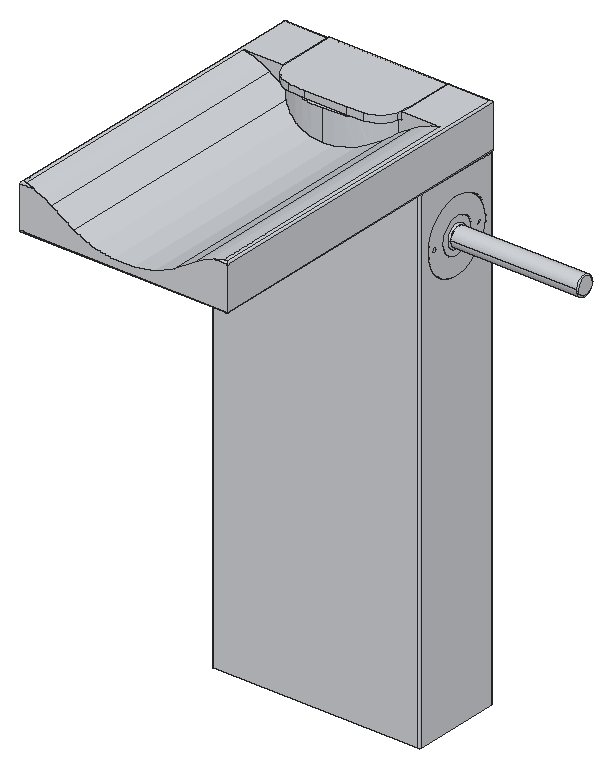
Revit family "Faucet-Lavatory-KOHLER-Beitou-K-99858M_1", category Plumbing Fixtures, host Face, Revit 2017
Family settings
  Host = Face
  Round Connector Dimension = Use Diameter
  Part Type = Normal
  OmniClass Number = 23.31.11.00
  OmniClass Title = Faucets
  Cut with Voids When Loaded = No
  Shared = No
  Room Calculation Point = No
Parameters (values of type "CP-Polished Chrome")
  Width = 4 17/128"  # constant formula
  WaterSense Certified = 1 = 0  # no
  Waste Water Outlet = "Waste Water Outlet"  # constant formula
  Waste Connection = 1 = 0  # no
  Vent Connection = 1 = 0  # no
  URL = "https://la.kohler.com/es?country=MX"
  Type = 1
  Spout Reach = 5 171/256"  # constant formula
  Product Page URL = "https://la.kohler.com/es/product-detail/99858m-4?skuid=K-99858M-4-CP"
  Product Name = "Beitou"  # constant formula
  Product Documentation Link = "http://resources.kohler.com/plumbing/kohlerla/pdf/99858T-4%20BEITOU%20Spec%20Sheet.pdf"
  Pressure = 0.00 psi
  Model = "K-99858M-4-CP"  # constant formula
  Material = "Premium Metal Construction"  # constant formula
  Master Format 2014 Name = "Residential Faucets, Supplies, and Trim"  # constant formula
  Master Format 2014 = "22 41 39"  # constant formula
  Manufacturer Address = "KOHLER Co. 444 Highland Dr. Kohler, WI 53044"  # constant formula
  Manufacturer = "KOHLER Co."  # constant formula
  Length = Spout Reach  # 5 171/256"
  Hot Water Inlet = "Hot Water Inlet"  # constant formula
  Height = 10 191/256"  # constant formula
  Handle Clearance = 2 143/256"  # constant formula
  HW Connection = 1 = 1  # yes
  Flow Rate = 0 GPM
  Finish = Kohler-Metal-CP-Polished_Chrome
  Environmental Product Declaration = ""
  Drain Included = 1 = 1  # yes
  Description = "High mixer tap for washbasin"  # constant formula
  Default Elevation = 36"
  Declare Label = ""
  Date Modified = "05/24/2021"  # constant formula
  Date Created = "05/24/2021"  # constant formula
  Copyright = "Copyright KOHLER Co."  # constant formula
  Contact Us = "https://la.kohler.com/es/contact-us-page"
  Cold Water Inlet = "Cold Water Inlet"  # constant formula
  CW Connection = 1 = 1  # yes
  Assembly Code = "D2010"
  ADA Compliant = 1 = 0  # no
Reference planes (in)
  plane 1 "Center (Front/Back)": y = 0
  plane 2: z = 0
  plane 3 "Center (Left/Right)": x = 0
  plane 4: z = 10.7460937
  plane 5: z = 8.7401575
  plane 6: x = 4.6259843
  plane 7: x = 2.0673905
  plane 8: x = -2.065422
  plane 9: y = -5.6679688
  plane 10: y = -0.9055118
  plane 11: y = 0.9055118
  plane 12: x = 0.6299213
  plane 13: x = -0.6299213
  plane 14: z = 9.8818898
Dimensions and locks (in)
  "Spout Reach": plane 1 "Center (Front/Back)" to plane 9
  "Height": plane 4 to level
  level to plane 14 = 9.88189"
  plane 4 to plane 14 = 0.8642"
  plane 11 to plane 10 = 1.81102"
  "Width": plane 8 to plane 7
  "Handle Clearance": plane 7 to plane 6
  "Length": plane 9 to plane 1 "Center (Front/Back)"
  plane 6 to plane 3 "Center (Left/Right)" = 4.62598"
  plane 5 to level = 8.74016"
  aligned and locked: plane 2 to host face
  aligned and locked: level to host face
  aligned and locked: plane 3 "Center (Left/Right)" to nested 1
  aligned and locked: plane 1 "Center (Front/Back)" to nested 1
Automatic sketch dimensions
  host sketch curve to host sketch curve = 96"  (x2)
Nested families (in)
  nested 1: "K-99858M" at (0, 0, 0), type "K-99858M"
Connectors (in)
  piping at (-0.6299213, 0, 0), diameter 0.5, driven by "Flow Rate", driven by "HW Connection", driven by "Hot Water Inlet"
    settings: on nested 1, index 1, connector inside diameter 24", connector length 0", flow factor 0, pipe flow 0 GPM, pressure drop 0.00 psi, fitting loss kfactor 0, connector angle 0.00°, fixture units 0, engagement length 0", angle of deflection 0.00°, flow configuration 0, flow direction 1, fitting loss method 0, system type 19, joint type 0, gender type 0, connector reference index -1, connector utility 1, adjustable connector no, is connector primary yes, connector description "Hot Water Inlet"
  piping at (0.6299213, 0, 0), diameter 0.5, driven by "Flow Rate", driven by "CW Connection", driven by "Cold Water Inlet"
    settings: on nested 1, index 2, connector inside diameter 24", connector length 0", flow factor 0, pipe flow 0 GPM, pressure drop 0.00 psi, fitting loss kfactor 0, connector angle 0.00°, fixture units 0, engagement length 0", angle of deflection 0.00°, flow configuration 0, flow direction 1, fitting loss method 0, system type 20, joint type 0, gender type 0, connector reference index -1, connector utility 1, adjustable connector no, is connector primary no, connector description "Cold Water Inlet"
Definition of nested family "K-99858M"
  Parameters (values of type "K-99858M")
    Material = none
  Reference planes (in)
    plane 1 "Center (Front/Back)": y = 0
    plane 2: z = 0
    plane 3 "Center (Left/Right)": x = 0
    plane 4: y = 0.9055118
    plane 5: y = -0.9055118
    plane 6: x = -2.0669291
    plane 7: x = 2.0669291
    plane 8: x = 4.6259843
    plane 9: z = 8.7401575
    plane 10: y = -5.6692913
    plane 11: x = -0.503882
    plane 12: x = 0.503882
    plane 13: x = 0.6299213
    plane 14: x = -0.6299213
    plane 15: z = 9.8818898
    plane 16: z = 10.7480315
  Forms (in)
    Sweep 1, solid, material <- "Material", detail levels medium+fine
      path origin (0, 0, 0) x (0, 1, 0) y (0, 0, 1)
        loop
          line (0.9055118, 0) -> (0.9055118, 9.8421792)
      profile origin (0, 0.9055118, 4.9210896) x (0, -1, 0) y (1, 0, 0)
        loop
          arc (0, -2.0275591) -> (0.0115312, -2.0553979) -> (0.0393701, -2.0669291) r 0.0393701
          line (0.0393701, -2.0669291) -> (1.7716535, -2.0669291)
          arc (1.7716535, -2.0669291) -> (1.7994924, -2.0553979) -> (1.8110236, -2.0275591) r 0.0393701
          line (1.8110236, -2.0275591) -> (1.8110236, 2.0275591)
          arc (1.8110236, 2.0275591) -> (1.7994924, 2.0553979) -> (1.7716535, 2.0669291) r 0.0393701
          line (1.7716535, 2.0669291) -> (0.0393701, 2.0669291)
          arc (0.0393701, 2.0669291) -> (0.0115312, 2.0553979) -> (0, 2.0275591) r 0.0393701
          line (0, 2.0275591) -> (0, -2.0275591)
    Sweep 2, solid, material <- "Material", detail levels medium+fine
      path origin (0, 0, 0) x (1, 0, 0) y (0, 1, 0)
        loop
          line (-2.0272385, 0.8659735) -> (-2.0272385, -5.6297874) -> (2.0272385, -5.6297874) -> (2.0272385, 0.8659735) -> (-2.0272385, 0.8659735)
      profile origin (2.0272385, -2.3819069, 0) x (1, 0, 0) y (0, 0, 1)
        loop
          line (-0.0307579, 10.7440945) -> (-0.0307579, 9.8421792) -> (0.0200009, 9.8421792)
          arc (0.0200009, 9.8421792) -> (0.0339236, 9.8479462) -> (0.0396906, 9.861869) r 0.0196898
          line (0.0396906, 9.861869) -> (0.0396906, 10.7047518)
          arc (0.0396906, 10.7047518) -> (0.0281674, 10.7325713) -> (0.0003479, 10.7440945) r 0.0393427
          line (0.0003479, 10.7440945) -> (-0.0307579, 10.7440945)
    Sweep 3, solid, material <- "Material", detail levels medium+fine
      path origin (0, 0, 0) x (0, 1, 0) y (0, 0, 1)
        loop
          circle (0.0006489, 8.740906) r 0.169298
      profile origin (0, 0.0006489, 8.9102041) x (0, 0, -1) y (1, 0, 0)
        loop
          line (0.0324208, 4.6259843) -> (0.0014478, 4.6259843)
          arc (0.0014478, 4.6259843) -> (-0.012907, 4.6200383) -> (-0.0188529, 4.6056835) r 0.0203007
          line (-0.0188529, 4.6056835) -> (-0.0188529, 2.1068724)
          arc (-0.0188529, 2.1068724) -> (-0.030552, 2.0786282) -> (-0.0587961, 2.0669291) r 0.0399432
          line (-0.0587961, 2.0669291) -> (0.0324208, 2.0669291) -> (0.0324208, 4.6259843)
    Extrusion 4, solid, material <- "Material", detail levels medium+fine
      sketch origin (0, 0, 0) x (0, 1, 0) y (0, 0, 1)
        loop
          circle (0.0006489, 8.740906) r 0.1368772
      from 2.0669291 to 4.6259843
    Extrusion 5, solid, material <- "Material", detail levels medium+fine
      sketch origin (-0.0298064, 0, 0) x (1, 0, 0) y (0, 1, 0)
        loop
          line (-1.9964806, 0.8352157) -> (-1.9964806, -5.5990295) -> (2.026287, -5.5990295) -> (2.026287, 0.8352157) -> (-1.9964806, 0.8352157)
      from 9.8421792 to 10.7440945
    Extrusion 6, void, detail levels medium+fine
      sketch origin (0, 0, -0.0522247) x (1, 0, 0) y (0, 0, 1)
        loop
          arc (-1.0037395, 10.3120449) -> (-0.0135896, 10.0485715) -> (0.9765602, 10.3120449) r 1.9922598
          arc (0.9765602, 10.3120449) -> (1.1970344, 10.444138) -> (1.4121499, 10.5847893) r 6.5420486
          arc (1.4121499, 10.5847893) -> (1.8035482, 10.7664441) -> (2.2326175, 10.8121686) r 1.3200005
          line (2.2326175, 10.8121686) -> (2.2326175, 11.0733099) -> (-2.3948685, 11.0733099) -> (-2.3948685, 10.7973172)
          arc (-2.3948685, 10.7973172) -> (-1.8966699, 10.7829033) -> (-1.4393292, 10.5847893) r 1.3200005
          arc (-1.4393292, 10.5847893) -> (-1.2242137, 10.444138) -> (-1.0037395, 10.3120449) r 6.5420486
      from 0.251129 to 6.1770874
    Extrusion 7, solid, material <- "Material", detail levels medium+fine
      sketch origin (0, 0, 0) x (1, 0, 0) y (0, 1, 0)
        loop
          arc (-1.1811024, 0) -> (-1.1803093, -0.0555895) -> (-1.1779309, -0.1111338) r 1.9487547
          arc (-1.1779309, -0.1111338) -> (-1.1678638, -0.2063706) -> (-1.1486662, -0.3001942) r 0.9926676
          arc (-1.1486662, -0.3001942) -> (-1.0019473, -0.5383407) -> (-0.7459164, -0.6509835) r 0.4700974
          arc (-0.7459164, -0.6509835) -> (-0.5834517, -0.6647108) -> (-0.4204724, -0.6692913) r 2.9017388
          line (-0.4204724, -0.6692913) -> (0.4204724, -0.6692913)
          arc (0.4204724, -0.6692913) -> (0.5841058, -0.6646739) -> (0.7472185, -0.6508363) r 2.9017388
          arc (0.7472185, -0.6508363) -> (1.0018802, -0.5388523) -> (1.1481485, -0.3022121) r 0.4685039
          arc (1.1481485, -0.3022121) -> (1.1572068, -0.2639337) -> (1.1647415, -0.2253265) r 0.9926676
          arc (1.1647415, -0.2253265) -> (1.1729905, -0.1684212) -> (1.1779309, -0.1111338) r 0.9926676
          arc (1.1779309, -0.1111338) -> (1.1803093, -0.0555895) -> (1.1811024, 0) r 1.9487547
          line (1.1811024, 0) -> (1.1811024, 0.8816998) -> (-1.1811024, 0.8816998) -> (-1.1811024, 0)
      from 10.6102362 to 10.7440945
    Extrusion 8, void, detail levels medium+fine
      sketch origin (0, 0, 0) x (1, 0, 0) y (0, 1, 0)
        loop
          line (-1.1850394, 0.8816998) -> (-1.1850394, -0.251129) -> (1.1850394, -0.251129) -> (1.1850394, 0.8816998) -> (-1.1850394, 0.8816998)
      from 10.6102362 to 10.9003731
    Extrusion 9, solid, material <- "Material", detail levels medium+fine
      sketch origin (0, 0, 0) x (1, 0, 0) y (0, 1, 0)
        loop
          spline (0, 0.4851303) -> (-0.2904072, 0.4642233) -> (-0.5610236, 0.4029269) -> (-0.7934072, 0.3054185) -> (-0.9717214, 0.1783431) -> (-1.0838144, 0.0303607) -> (-1.1220472, -0.1284441) -> (-1.0838144, -0.2872488) -> (-0.9717214, -0.4352313) -> (-0.7934072, -0.5623067) -> (-0.5610236, -0.6598151) -> (-0.2904072, -0.7211115) -> (0, -0.7420185)
          spline (0, -0.7420185) -> (0.2904072, -0.7211115) -> (0.5610236, -0.6598151) -> (0.7934072, -0.5623067) -> (0.9717214, -0.4352313) -> (1.0838144, -0.2872488) -> (1.1220472, -0.1284441) -> (1.0838144, 0.0303607) -> (0.9717214, 0.1783431) -> (0.7934072, 0.3054185) -> (0.5610236, 0.4029269) -> (0.2904072, 0.4642233) -> (0, 0.4851303)
      from 9.7682632 to 10.6102362
    Extrusion 10, void, detail levels medium+fine
      sketch origin (0, 0, 0) x (0, 1, 0) y (0, 0, 1)
        loop
          circle (-0.0005732, 8.741565) r 0.7199009
        loop
          circle (-0.0005732, 8.741565) r 0.3559253
        loop
          circle (-0.0005732, 8.741565) r 0.7120269
        loop
          circle (-0.0005732, 8.741565) r 0.3480513
      from 2.0576808 to 2.2396435
    Extrusion 11, solid, material <- "Material", detail levels medium+fine
      sketch origin (0, 0, 0) x (1, 0, 0) y (0, 1, 0)
        loop
          circle (-0.503882, 0) r 0.0393701
        loop
          circle (0.503882, 0) r 0.0393701
      from 0 to 0.035998
    Extrusion 12, void
      sketch origin (0, 0, 0) x (0, 1, 0) y (0, 0, 1)
        loop
          circle (-0.557955, 8.7400852) r 0.0398
        loop
          circle (0.557955, 8.7400852) r 0.0398
      from 1.4561957 to 3.2228774
    Extrusion 13, solid, detail levels medium+fine
      sketch origin (0, 0, 0) x (0, 1, 0) y (0, 0, 1)
        loop
          circle (0.557955, 8.7400852) r 0.0398
      from 1.4561957 to 2.0669291
    Extrusion 14, solid, detail levels medium+fine
      sketch origin (0, 0, 0) x (0, -1, 0) y (0, 0, -1)
        loop
          circle (0.557955, -8.7400852) r 0.0398
      from 1.4561957 to 2.0669291
    Extrusion 15, solid, material <- "Material", detail levels medium+fine
      sketch origin (0, 0, 0) x (1, 0, 0) y (0, 1, 0)
        loop
          circle (0.6299213, 0) r 0.1968504
        loop
          circle (-0.6299213, 0) r 0.1968504
      from 0 to 0.2233233
    Extrusion 16, solid, material <- "Material", detail levels coarse
      sketch origin (0, 0, 0) x (1, 0, 0) y (0, 0, 1)
        loop
          line (-2.0669291, 10.7440945) -> (-2.0669291, 9.7598425) -> (2.0669291, 9.7598425) -> (2.0669291, 10.7440945) -> (1.6939929, 10.7440945)
          arc (1.6939929, 10.7440945) -> (-0.0776606, 10.1986876) -> (-1.8493141, 10.7440945) r 3.1501482
          line (-1.8493141, 10.7440945) -> (-2.0669291, 10.7440945)
      from -0.9055118 to 5.669478
    Extrusion 17, solid, material <- "Material", detail levels coarse
      sketch origin (0, 0, 0) x (1, 0, 0) y (0, 0, 1)
        loop
          line (-2.0669291, 10.7440945) -> (-2.0669291, 0) -> (2.0669291, 0) -> (2.0669291, 10.7440945) -> (-2.0669291, 10.7440945)
      from -0.9055118 to 1.3646786
    Revolve 18, solid, material <- "Material", detail levels coarse
      sketch origin (0, 0, 0) x (1, 0, 0) y (0, 0, 1)
        loop
          line (4.6259843, 9.029039) -> (1.7665609, 9.029039) -> (1.7665609, 8.7401575) -> (4.6259843, 8.7401575) -> (4.6259843, 9.029039)
        axis (4.6259843, 8.7401575) -> (1.7665609, 8.7401575)
      angle from 0 to 360
  Cuts and joins
    Extrusion 10, Extrusion 12 cuts Sweep 1
    Extrusion 12 cuts Sweep 3
    Extrusion 12 cuts Extrusion 4
    Extrusion 12 cuts Extrusion 11
    joined: Sweep 1, Sweep 3, Extrusion 4, Extrusion 7, Extrusion 11
    Extrusion 6, Extrusion 8 cuts Sweep 2
    Extrusion 6, Extrusion 8 cuts Extrusion 5
    joined: Sweep 2, Extrusion 5, Extrusion 9
    joined: Extrusion 16, Extrusion 17, Revolve 18
  Lines and regions (in)
    Masking region 1
      outline origin (0, 0, 0) x (1, 0, 0) y (0, 1, 0)
        loop
          arc (2.0287193, -5.6692913) -> (2.0557377, -5.6580999) -> (2.0669291, -5.6310815) r 0.0382098
          line (2.0669291, -5.6310815) -> (2.0669291, -0.2295886)
          arc (2.0669291, -0.2295886) -> (2.0788227, -0.2008749) -> (2.1075365, -0.1889813) r 0.0406073
          line (2.1075365, -0.1889813) -> (4.6049589, -0.1889813)
          arc (4.6049589, -0.1889813) -> (4.6198261, -0.1828231) -> (4.6259843, -0.1679559) r 0.0210254
          line (4.6259843, -0.1679559) -> (4.6259843, 0.1689122)
          arc (4.6259843, 0.1689122) -> (4.6201062, 0.1831032) -> (4.6059152, 0.1889813) r 0.0200691
          line (4.6059152, 0.1889813) -> (2.1080383, 0.1889813)
          arc (2.1080383, 0.1889813) -> (2.0789697, 0.2010219) -> (2.0669291, 0.2300904) r 0.0411092
          line (2.0669291, 0.2300904) -> (2.0669291, 0.8662628)
          arc (2.0669291, 0.8662628) -> (2.0554334, 0.894016) -> (2.0276801, 0.9055118) r 0.039249
          line (2.0276801, 0.9055118) -> (1.2235752, 0.9055118)
          arc (1.2235752, 0.9055118) -> (1.2010195, 0.898221) -> (1.1869987, 0.8791074) r 0.0385358
          arc (1.1869987, 0.8791074) -> (1.1794257, 0.897763) -> (1.1608426, 0.9055118) r 0.0261573
          line (1.1608426, 0.9055118) -> (-1.1608426, 0.9055118)
          arc (-1.1608426, 0.9055118) -> (-1.1794257, 0.897763) -> (-1.1869987, 0.8791074) r 0.0261573
          arc (-1.1869987, 0.8791074) -> (-1.2010195, 0.898221) -> (-1.2235752, 0.9055118) r 0.0385358
          line (-1.2235752, 0.9055118) -> (-2.0283935, 0.9055118)
          arc (-2.0283935, 0.9055118) -> (-2.0556423, 0.894225) -> (-2.0669291, 0.8669762) r 0.0385356
          line (-2.0669291, 0.8669762) -> (-2.0669291, -5.6295987)
          arc (-2.0669291, -5.6295987) -> (-2.0553034, -5.6576656) -> (-2.0272365, -5.6692913) r 0.0396927
          line (-2.0272365, -5.6692913) -> (2.0287193, -5.6692913)
    Masking region 2
      outline origin (0, 0, 0) x (0, 1, 0) y (0, 0, 1)
        loop
          line (0.9055118, 0) -> (0.9055118, 9.8614815)
          arc (0.9055118, 9.8614815) -> (0.8995361, 9.8759083) -> (0.8852902, 9.881884) r 0.0204025
          arc (0.8852902, 9.881884) -> (0.899589, 9.8878068) -> (0.9055118, 9.9021056) r 0.0202216
          line (0.9055118, 9.9021056) -> (0.9055118, 10.7069164)
          arc (0.9055118, 10.7069164) -> (0.8934695, 10.7359892) -> (0.8643967, 10.7480315) r 0.0411151
          line (0.8643967, 10.7480315) -> (-5.6292231, 10.7480315)
          arc (-5.6292231, 10.7480315) -> (-5.6575556, 10.7362958) -> (-5.6692913, 10.7079632) r 0.0400683
          line (-5.6692913, 10.7079632) -> (-5.6692913, 9.902511)
          arc (-5.6692913, 9.902511) -> (-5.6632515, 9.8879296) -> (-5.6486701, 9.8818898) r 0.0206213
          line (-5.6486701, 9.8818898) -> (-0.8858268, 9.8818898)
          arc (-0.8858268, 9.8818898) -> (-0.8997462, 9.8761241) -> (-0.9055118, 9.8622047) r 0.019685
          line (-0.9055118, 9.8622047) -> (-0.9055118, 0) -> (0.9055118, 0)
    Masking region 3
      outline origin (0, 0, 0) x (1, 0, 0) y (0, 0, 1)
        loop
          line (-2.0669291, 10.7097893) -> (-2.0669291, 9.9018946)
          arc (-2.0669291, 9.9018946) -> (-2.0610682, 9.887745) -> (-2.0469185, 9.881884) r 0.0200106
          arc (-2.0469185, 9.881884) -> (-2.0610013, 9.8759562) -> (-2.0669291, 9.8616451) r 0.0202389
          line (-2.0669291, 9.8616451) -> (-2.0669291, 0) -> (2.0669291, 0) -> (2.0669291, 8.5124717)
          arc (2.0669291, 8.5124717) -> (2.0782944, 8.53991) -> (2.1057327, 8.5512753) r 0.0388036
          line (2.1057327, 8.5512753) -> (4.6058685, 8.5512753)
          arc (4.6058685, 8.5512753) -> (4.6200925, 8.5571671) -> (4.6259843, 8.5713911) r 0.0201158
          line (4.6259843, 8.5713911) -> (4.6259843, 8.9083523)
          arc (4.6259843, 8.9083523) -> (4.6199251, 8.9229804) -> (4.6052969, 8.9290396) r 0.0206874
          line (4.6052969, 8.9290396) -> (2.1069697, 8.9290396)
          arc (2.1069697, 8.9290396) -> (2.0786567, 8.9407672) -> (2.0669291, 8.9690802) r 0.0400406
          line (2.0669291, 8.9690802) -> (2.0669291, 9.8616451)
          arc (2.0669291, 9.8616451) -> (2.0610013, 9.8759562) -> (2.0466902, 9.881884) r 0.0202389
          arc (2.0466902, 9.881884) -> (2.0610682, 9.887745) -> (2.0669291, 9.9018946) r 0.0200106
          line (2.0669291, 9.9018946) -> (2.0669291, 10.7086614)
          arc (2.0669291, 10.7086614) -> (2.0553979, 10.7365003) -> (2.0275591, 10.7480315) r 0.0393701
          line (2.0275591, 10.7480315) -> (1.2160697, 10.7480315) -> (1.2160697, 10.6968504) -> (1.1811024, 10.6968504) -> (1.1811024, 10.7480315) -> (-1.1811024, 10.7480315) -> (-1.1811024, 10.6968504) -> (-1.2160697, 10.6968504) -> (-1.2160697, 10.7480315) -> (-2.028687, 10.7480315)
          arc (-2.028687, 10.7480315) -> (-2.0557283, 10.7368306) -> (-2.0669291, 10.7097893) r 0.0382422
    symbolic lines, detail levels medium+fine
      curve 1: line (2.0669291, 0.8662628, 0) -> (1.1848824, 0.8661417, 0)
      curve 2: line (2.0276801, 0.9055118, 0) -> (2.0287193, -5.6692913, 0)
      curve 3: line (-2.0669291, -5.6295987, 0) -> (2.0669291, -5.6310815, 0)
      curve 4: line (-2.0272365, 0.9055118, 0) -> (-2.0272365, -5.6692913, 0)
      curve 5: line (-1.1811024, 0, 0) -> (-1.1811024, 0.8661417, 0)
      curve 6: line (1.1811024, 0, 0) -> (1.1811024, 0.8661417, 0)
      curve 7: line (-1.1848824, 0.8661417, 0) -> (-2.0669201, 0.8661417, 0)
      curve 8: arc (-1.1869987, 0.8791074, 0) -> (-1.1853269, 0.8727248, 0) -> (-1.1848824, 0.8661417, 0) r 0.0350071
      curve 9: line (1.1811024, 0.8661417, 0) -> (-1.1811024, 0.8661417, 0)
      curve 10: arc (1.1869987, 0.8791074, 0) -> (1.1853269, 0.8727248, 0) -> (1.1848824, 0.8661417, 0) r 0.0350071
      curve 11: arc (-1.1811024, 0, 0) -> (-1.1803093, -0.0555895, 0) -> (-1.1779309, -0.1111338, 0) r 1.9487547
      curve 12: arc (-1.1779309, -0.1111338, 0) -> (-1.1678638, -0.2063706, 0) -> (-1.1486662, -0.3001942, 0) r 0.9926676
      curve 13: arc (-1.1486662, -0.3001942, 0) -> (-1.0019473, -0.5383407, 0) -> (-0.7459164, -0.6509835, 0) r 0.4700974
      curve 14: arc (-0.7459164, -0.6509835, 0) -> (-0.5834517, -0.6647108, 0) -> (-0.4204724, -0.6692913, 0) r 2.9017388
      curve 15: line (-0.4204724, -0.6692913, 0) -> (0.4204724, -0.6692913, 0)
      curve 16: arc (0.4204724, -0.6692913, 0) -> (0.5841058, -0.6646739, 0) -> (0.7472185, -0.6508363, 0) r 2.9017388
      curve 17: arc (0.7472185, -0.6508363, 0) -> (1.0018802, -0.5388523, 0) -> (1.1481485, -0.3022121, 0) r 0.4685039
      curve 18: arc (1.1481485, -0.3022121, 0) -> (1.1572068, -0.2639337, 0) -> (1.1647415, -0.2253265, 0) r 0.9926676
      curve 19: arc (1.1647415, -0.2253265, 0) -> (1.1729905, -0.1684212, 0) -> (1.1779309, -0.1111338, 0) r 0.9926676
      curve 20: arc (1.1779309, -0.1111338, 0) -> (1.1803093, -0.0555895, 0) -> (1.1811024, 0, 0) r 1.9487547
      curve 21: arc (-1.1295936, -0.2953224, 0) -> (-0.9890184, -0.5234967, 0) -> (-0.7437087, -0.6314227, 0) r 0.4504123
      curve 22: arc (-1.1582779, -0.1100112, 0) -> (-1.1484104, -0.2033594, 0) -> (-1.1295936, -0.2953224, 0) r 0.9729825
      curve 23: arc (-1.1614173, 0, 0) -> (-1.1606323, -0.055028, 0) -> (-1.1582779, -0.1100112, 0) r 1.9290697
      curve 24: arc (-0.7437087, -0.6314227, 0) -> (-0.5823461, -0.6450568, 0) -> (-0.4204724, -0.6496063, 0) r 2.8820538
      curve 25: line (-0.4204724, -0.6496063, 0) -> (0.4204724, -0.6496063, 0)
      curve 26: arc (0.4204724, -0.6496063, 0) -> (0.5829958, -0.6450202, 0) -> (0.7450019, -0.6312764, 0) r 2.8820538
      curve 27: arc (0.7450019, -0.6312764, 0) -> (0.9889635, -0.5239977, 0) -> (1.1290861, -0.2973004, 0) r 0.4488189
      curve 28: arc (1.1290861, -0.2973004, 0) -> (1.1379648, -0.259781, 0) -> (1.14535, -0.2219394, 0) r 0.9729825
      curve 29: arc (1.1582779, -0.1100112, 0) -> (1.1606323, -0.055028, 0) -> (1.1614173, 0, 0) r 1.9290697
      curve 30: arc (1.14535, -0.2219394, 0) -> (1.1534355, -0.1661626, 0) -> (1.1582779, -0.1100112, 0) r 0.9729825
      curve 31: line (-1.1614173, 0, 0) -> (-1.1614173, 0.8661417, 0)
      curve 32: line (1.1614173, 0, 0) -> (1.1614173, 0.8661417, 0)
      curve 33: arc (-0.4789141, -0.6687028, 0) -> (0, -0.7289998, 0) -> (0.4789141, -0.6687028, 0) r 1.9320565
      curve 34: line (2.0669291, 0.2300904, 0) -> (2.0669291, -0.2295886, 0)
      curve 35: line (2.1080383, -0.1889844, 0) -> (2.1080383, 0.1889813, 0)
      curve 36: line (4.6049589, 0.1889585, 0) -> (4.6049589, -0.1889813, 0)
      curve 37: line (0, -5.6299213, 9.9015694) -> (0, 0.9055047, 9.9015694)
      curve 38: line (0, -5.6299213, 10.748144) -> (0, -5.6299213, 9.8818898)
      curve 39: line (0, 0.8661417, 10.7479944) -> (0, 0.8661417, 9.9015694)
      curve 40: line (0, 0.8661417, 9.8614815) -> (0, 0.8661417, 0)
      curve 41: line (0, 0.9057632, 9.8614815) -> (0, -0.9054985, 9.8614815)
      curve 42: line (0, -0.8661417, 0) -> (0, -0.8661417, 9.881884)
      curve 43: line (0, -0.9055118, 9.881884) -> (0, 0.8852902, 9.881884)
      curve 44: line (0, -5.6299213, 9.9015694) -> (0, -5.6692913, 9.9015694)
      curve 45: line (-2.027559, 0, 10.7479748) -> (-2.027559, 0, 9.9015174)
      curve 46: line (-2.0490082, 0, 9.8818324) -> (2.048135, 0, 9.8818324)
      curve 47: line (2.0669265, 0, 9.9015174) -> (-2.0669265, 0, 9.9015174)
      curve 48: line (-2.0669216, 0, 9.8621473) -> (2.0669216, 0, 9.8621473)
      curve 49: line (2.0275591, 0, 10.7480315) -> (2.0275591, 0, 9.9015174)
      curve 50: line (2.0275591, 0, 9.8621473) -> (2.0275591, 0, 0)
      curve 51: line (-2.0275591, 0, 0) -> (-2.0275591, 0, 9.8621473)
      curve 52: line (4.6064501, 0, 8.9289677) -> (4.6064501, 0, 8.551369)
      curve 53: line (2.1058731, 0, 8.9291876) -> (2.1058731, 0, 8.5511548)
      curve 54: line (2.0669291, 0, 8.9690802) -> (2.0669291, 0, 8.5124717)
      curve 55: arc (-1.1682401, 0, 10.7440945) -> (-1.0961611, 0, 10.7113343) -> (-1.0187542, 0, 10.6946973) r 0.3691581
      curve 56: arc (-1.1811024, 0, 10.7204724) -> (-1.1187227, 0, 10.6925207) -> (-1.0518269, 0, 10.6784683) r 0.319715
      curve 57: arc (-1.0187542, 0, 10.6946973) -> (-0.8744744, 0, 10.676879) -> (-0.7292944, 0, 10.6693331) r 2.0495079
      curve 58: arc (-1.0518269, 0, 10.6784683) -> (-0.9244501, 0, 10.6616996) -> (-0.7962799, 0, 10.6528416) r 2.0761384
      curve 59: line (0.4204724, 0, 10.6648556) -> (-0.4204724, 0, 10.6648556)
      curve 60: line (0.4204724, 0, 10.6456297) -> (-0.4204724, 0, 10.6456297)
      curve 61: arc (-0.7292944, 0, 10.6693331) -> (-0.5748856, 0, 10.6669432) -> (-0.4204724, 0, 10.6648556) r 78.8650377
      curve 62: arc (-0.7962799, 0, 10.6528416) -> (-0.6084102, 0, 10.647463) -> (-0.4204724, 0, 10.6456297) r 9.9615753
      curve 63: line (-1.1811024, 0, 10.6210639) -> (-1.1811024, 0, 10.7204724)
      curve 64: line (-1.1702746, 0, 10.6102362) -> (1.1697209, 0, 10.6102362)
      curve 65: line (1.1811024, 0, 10.6216177) -> (1.1811024, 0, 10.7204724)
      curve 66: arc (1.1697209, 0, 10.6102362) -> (1.1777688, 0, 10.6135698) -> (1.1811024, 0, 10.6216177) r 0.0113815
      curve 67: arc (-1.1702746, 0, 10.6102362) -> (-1.177931, 0, 10.6134076) -> (-1.1811024, 0, 10.6210639) r 0.0108277
      curve 68: arc (-1.0818355, 0, 10.6102362) -> (-1.0487457, 0, 10.4631744) -> (-0.9532315, 0, 10.346559) r 0.327156
      curve 69: arc (-0.3551517, 0, 10.1928355) -> (0.0071668, 0, 10.1876152) -> (0.3694853, 0, 10.1928355) r 12.5762126
      curve 70: arc (-0.9532315, 0, 10.346559) -> (-0.925478, 0, 10.3278435) -> (-0.8957208, 0, 10.3125125) r 0.2849013
      curve 71: arc (-0.8957208, 0, 10.3125125) -> (-0.7656648, 0, 10.2623069) -> (-0.6313541, 0, 10.2249462) r 1.4363101
      curve 72: arc (-0.6313541, 0, 10.2249462) -> (-0.6166197, 0, 10.2216989) -> (-0.6018483, 0, 10.2186238) r 1.2927477
      curve 73: arc (-0.6018483, 0, 10.2186238) -> (-0.4791146, 0, 10.1998502) -> (-0.3551517, 0, 10.1928355) r 1.3039103
      curve 74: arc (-1.3639142, 0, 10.5197851) -> (-1.165333, 0, 10.3863653) -> (-0.9615509, 0, 10.261033) r 5.9524026
      curve 75: arc (-0.9615509, 0, 10.261033) -> (-0.8231552, 0, 10.1894621) -> (-0.6778478, 0, 10.1332347) r 1.4425518
      curve 76: arc (-1.619006, 0, 10.6268859) -> (-1.4191844, 0, 10.5095433) -> (-1.2250172, 0, 10.3830639) r 4.9975336
      curve 77: arc (-1.2250172, 0, 10.3830639) -> (-1.0755604, 0, 10.2861398) -> (-0.9214078, 0, 10.1968725) r 3.5327637
      curve 78: arc (-0.9214078, 0, 10.1968725) -> (-0.7601076, 0, 10.1208306) -> (-0.5909599, 0, 10.0643579) r 1.5082541
      curve 79: arc (1.1682401, 0, 10.7440945) -> (1.0961611, 0, 10.7113343) -> (1.0187542, 0, 10.6946973) r 0.3691581
      curve 80: arc (1.1811024, 0, 10.7204724) -> (1.1187227, 0, 10.6925207) -> (1.0518269, 0, 10.6784683) r 0.319715
      curve 81: arc (1.0187542, 0, 10.6946973) -> (0.8744744, 0, 10.676879) -> (0.7292944, 0, 10.6693331) r 2.0495079
      curve 82: arc (1.0518269, 0, 10.6784683) -> (0.9244501, 0, 10.6616996) -> (0.7962799, 0, 10.6528416) r 2.0761384
      curve 83: arc (0.7292944, 0, 10.6693331) -> (0.5748856, 0, 10.6669432) -> (0.4204724, 0, 10.6648556) r 78.8650377
      curve 84: arc (0.7962799, 0, 10.6528416) -> (0.6084102, 0, 10.647463) -> (0.4204724, 0, 10.6456297) r 9.9615753
      curve 85: arc (1.0818355, 0, 10.6102362) -> (1.0487457, 0, 10.4631744) -> (0.9532315, 0, 10.346559) r 0.327156
      curve 86: arc (0.9532315, 0, 10.346559) -> (0.925478, 0, 10.3278435) -> (0.8957208, 0, 10.3125125) r 0.2849013
      curve 87: arc (0.8957208, 0, 10.3125125) -> (0.7624208, 0, 10.2612366) -> (0.6246875, 0, 10.2234528) r 1.4363101
      curve 88: arc (0.6246875, 0, 10.2234528) -> (0.4907179, 0, 10.2011157) -> (0.3551517, 0, 10.1928355) r 1.3039103
      curve 89: arc (1.3639142, 0, 10.5197851) -> (1.165333, 0, 10.3863653) -> (0.9615509, 0, 10.261033) r 5.9524026
      curve 90: arc (0.9615509, 0, 10.261033) -> (0.8231552, 0, 10.1894621) -> (0.6778478, 0, 10.1332347) r 1.4425518
      curve 91: arc (1.619006, 0, 10.6268859) -> (1.4191844, 0, 10.5095433) -> (1.2250172, 0, 10.3830639) r 4.9975336
      curve 92: arc (1.2250172, 0, 10.3830639) -> (1.0755604, 0, 10.2861398) -> (0.9214078, 0, 10.1968725) r 3.5327637
      curve 93: arc (0.9214078, 0, 10.1968725) -> (0.7601076, 0, 10.1208306) -> (0.5909599, 0, 10.0643579) r 1.5082541
      curve 94: arc (-0.5909599, 0, 10.0643579) -> (-0.416242, 0, 10.0224586) -> (-0.2394712, 0, 9.9903025) r 3.242106
      curve 95: arc (0.5909599, 0, 10.0643579) -> (0.416242, 0, 10.0224586) -> (0.2394712, 0, 9.9903025) r 3.242106
      curve 96: arc (-0.2394712, 0, 9.9903025) -> (0, 0, 9.97204) -> (0.2394712, 0, 9.9903025) r 1.579197
      curve 97: arc (-0.6778478, 0, 10.1332347) -> (-0.5134181, 0, 10.0865205) -> (-0.3458907, 0, 10.0525514) r 2.2277261
      curve 98: arc (0.6778478, 0, 10.1332347) -> (0.5134181, 0, 10.0865205) -> (0.3458907, 0, 10.0525514) r 2.2277261
      curve 99: arc (-0.3458907, 0, 10.0525514) -> (0, 0, 10.0245286) -> (0.3458907, 0, 10.0525514) r 2.1487063
      curve 100: line (-0.9306131, 0, 10.6102362) -> (-0.9306131, 0, 10.3309571)
      curve 101: line (-0.7731328, 0, 10.6102362) -> (-0.7731328, 0, 10.2648032)
      curve 102: line (-0.6156524, 0, 10.6102362) -> (-0.6156524, 0, 10.2214914)
      curve 103: line (-0.4581721, 0, 10.6102362) -> (-0.4581721, 0, 10.1978317)
      curve 104: line (-0.3006918, 0, 10.6102362) -> (-0.3006918, 0, 10.1913839)
      curve 105: line (-0.1432115, 0, 10.6102362) -> (-0.1432115, 0, 10.1885143)
      curve 106: line (0.9306131, 0, 10.6102362) -> (0.9306131, 0, 10.3309571)
      curve 107: line (0.7731328, 0, 10.6102362) -> (0.7731328, 0, 10.2648032)
      curve 108: line (0.6156524, 0, 10.6102362) -> (0.6156524, 0, 10.2214818)
      curve 109: line (0.4581721, 0, 10.6102362) -> (0.4581721, 0, 10.1978317)
      curve 110: line (0.3006918, 0, 10.6102362) -> (0.3006918, 0, 10.1910411)
      curve 111: line (0.1432115, 0, 10.6102362) -> (0.1432115, 0, 10.1883511)
      curve 112: line (-1.0487457, 0, 10.4631744) -> (1.0487457, 0, 10.4631744)
      curve 113: line (-0.0002769, 0, 10.6102362) -> (-0.0002769, 0, 10.1876174)
      curve 114: circle (0, -0.0005732, 8.741565) r 0.7199009 normal (1, 0, 0)
      curve 115: circle (0, -0.0005732, 8.741565) r 0.7120269 normal (1, 0, 0)
      curve 116: circle (0, -0.0005732, 8.741565) r 0.3480513 normal (1, 0, 0)
      curve 117: circle (0, -0.0005732, 8.741565) r 0.3559253 normal (1, 0, 0)
      curve 118: circle (0, -0.0005732, 8.741565) r 0.186987 normal (1, 0, 0)
      curve 119: circle (0, -0.557955, 8.7400852) r 0.0398 normal (1, 0, 0)
      curve 120: circle (0, 0.557955, 8.7400852) r 0.0398 normal (1, 0, 0)
      curve 121: line (0, 0.9055118, 10.7069164) -> (0, -5.6692777, 10.7069164)
      curve 122: arc (-2.028687, 0, 10.7480315) -> (-1.6801624, 0, 10.680911) -> (-1.3639142, 0, 10.5197851) r 1.2674517
      curve 123: arc (-2.028687, 0, 10.7480315) -> (-1.8171478, 0, 10.7101117) -> (-1.619006, 0, 10.6268859) r 0.9775936
      curve 124: arc (2.0275591, 0, 10.7480315) -> (1.6796289, 0, 10.6807429) -> (1.3639142, 0, 10.5197851) r 1.2678212
      curve 125: arc (2.0161703, 0, 10.7474008) -> (1.8111406, 0, 10.7083915) -> (1.619006, 0, 10.6268859) r 0.9808441
  Dimensions and locks (in)
    plane 9 to plane 2 = 8.74016"
    locked: plane 7 to plane 6 at 4.1338583
    locked: plane 8 to plane 3 "Center (Left/Right)" at 4.6259843
    locked: plane 4 to plane 5 at 1.8110236
    aligned and locked: plane 2 to level
